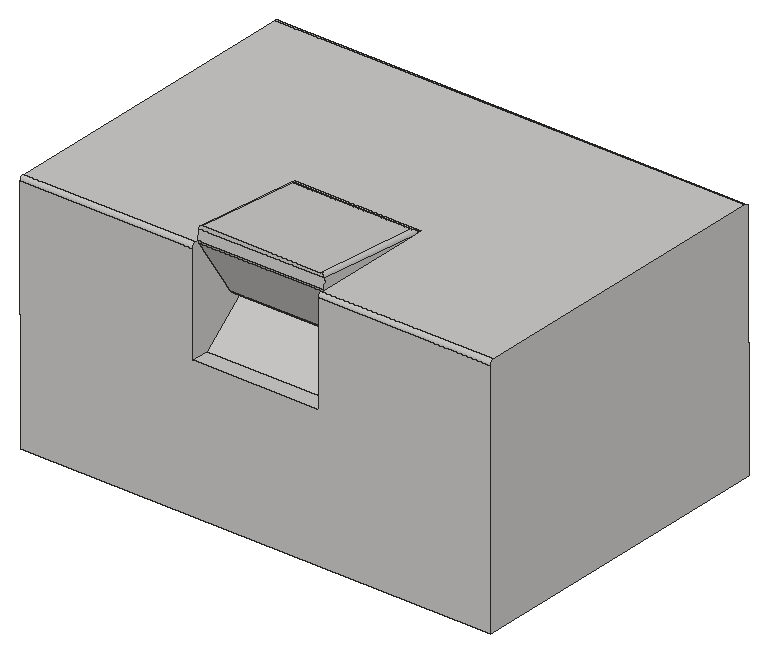
Revit family "PRD_FrankeWS_HndDriers_DryersHandDryer_RODX310", category Specialty Equipment, host Face, Revit 2018
Family settings
  Host = Face
  Round Connector Dimension = Use Diameter
  Part Type = Normal
  OmniClass Number = 23.40.20.21.14
  OmniClass Title = Hand and Hair Dryers
  Cut with Voids When Loaded = No
  Shared = No
  Room Calculation Point = No
Parameters (values of type "RODX310")
  WarrantyStartDate [instance] = "1900-12-31T23:59:59"
  WarrantyGuarantorParts = "n/a"
  WarrantyGuarantorLabor = "n/a"
  WarrantyDurationUnit = "year"
  WarrantyDurationParts = "n/a"
  WarrantyDurationLabor = "n/a"
  WarrantyDescription = "n/a"
  Voltage = 230 V
  Version = "1"
  UsageCurrent = 0 A
  Uniclass2015Version = "Products v1.5"
  Uniclass2015Title = "Hand driers"
  Uniclass2015Code = "Pr_40_70_62_37"
  URL = "www.kwc.com"
  TagNumber [instance] = "n/a"
  SustainabilityPerformance = "n/a"
  Standard = "n/a"
  Size = "314 x 215 x 163 mm"
  Shape = "n/a"
  SerialNumber [instance] = "n/a"
  Revision = "n/a"
  ReplacementCost = "n/a"
  ProductInformation = "https://pim.kwc.com/product/2000090055/attachment/datasheet?locale=en"
  PowerFactor = 1
  PhaseReference = "0"
  PhaseAngle = 0.00°
  Operation = "Automatic. No touch"
  NumberOfPoles = 1
  NominalWidth = 163 mm
  NominalVoltage = "230"
  NominalLength = 314 mm
  NominalHeight = 215 mm
  NominalFrequencyRange = "50"
  NominalCurrent = 0 A
  NoiseLevelAt1MMaximum = "68 dB"
  NetWeight = 7.20 kg
  Name = "DRYERS hand dryer RODX310"
  NBSTypeID = "n/a"
  NBSReference = "45-35-72/334"
  NBSOfficeMasterTag = "n/a"
  NBSNote = "n/a"
  NBSDescription = "Hand driers"
  NBSCertification = "n/a"
  ModelReference = "RODX310"
  ModelNumber = "2000090055"
  Model = ModelReference  # "RODX310"
  Material = "Stainless steel"
  ManufacturerURL = "www.kwc.com"
  ManufacturerName = "KWC Group AG"  # constant formula
  Manufacturer = ManufacturerName  # "KWC Group AG"
  LoadClassification = Other
  InsulationStandardClass = "NotKnown"
  InstallationDate [instance] = "1900-12-31T23:59:59"
  IfcExportType = "HANDDRYER"
  IfcExportAs = "IfcElectricApplianceType"
  IP_Code = "IPX1"
  HasProtectiveEarth = yes
  HandDryerMaterial = PRD_AR_StainlessSteel_SatinFinished
  GrossWeight = 7.58 kg
  Grade = "n/a"
  Form = "Touch free electronic warm air hand dryer for wall mounting"
  Finish = "Satin finished"
  Features = "Sensor range adjustable from 10 to 30 cm"
  ExpectedLife = "n/a"
  ElectricalSupplyRatedOperationalVoltageUe = "230 V a.c."
  ElectricalSupplyPowerRating = "2200 W"
  ElectricalDeviceNominalPower = 2200 VA
  DurationUnit = "year"
  Description = "Touch free electronic warm air hand dryer for wall mounting, stainless steel, surface satin finished, material thickness 1.2 mm, infrared sensor activity for non-touch operation, sensor range adjustable from 10 to 30 cm, cable and plug not included."
  Default Elevation = 1000 mm
  Constituents = "n/a"
  Color = "Stainless steel"
  CodePerformance = "n/a"
  Category = "Pr_40_70_62_37, Hand driers"
  BodyIngressProtectionMinimum = "IPX1"
  BodyFinishAndColour = "Stainless steel, satin finished"
  BodyEnclosure = "Stainless steel"
  BarCode [instance] = "n/a"
  BIMObjectName = "PRD_AR_HandDriers_DryersHandDryer_RODX310"
  Author = "Archispace"  # constant formula
  AssetType = "Fixed"
  AssetIdentifier [instance] = "n/a"
  ApparentPower = 2200 VA
  AccessibilityPerformance = "n/a"
Reference planes
  plane 1 "Center (Front/Back)": y = 0
  plane 2: z = 0
  plane 3 "Center (Left/Right)": x = 0
Forms (mm)
  Extrusion 1, solid, material "PRD_AR_StainlessSteel_SatinFinished" <- "HandDryerMaterial", detail levels fine
    sketch origin (0, 0, 0) x (0, 1, 0) y (0, 0, 1)
      loop
        arc (215, 160.3) -> (214.209, 162.209) -> (212.3, 163) r 2.7
        line (212.3, 163) -> (2.7, 163)
        arc (2.7, 163) -> (0.791, 162.209) -> (0, 160.3) r 2.7
        line (0, 160.3) -> (0, 0) -> (215, 0) -> (215, 160.3)
    from -157 to 157
  Extrusion 2, void
    sketch origin (0, 0, 0) x (0, 1, 0) y (0, 0, 1)
      loop
        arc (83, 160.3) -> (83.791, 162.209) -> (85.7, 163) r 2.7
        line (85.7, 163) -> (0, 163) -> (0, 93.5) -> (12, 93.5) -> (83, 151) -> (83, 160.3)
    from -42 to 42
  Extrusion 3, solid, material "PRD_AR_StainlessSteel_SatinFinished" <- "HandDryerMaterial", detail levels fine
    sketch origin (0, 0, 0) x (0, 1, 0) y (0, 0, 1)
      loop
        arc (4.391, 163.073) -> (4.44, 162.404) -> (4.708, 161.788) r 2
        line (4.708, 161.788) -> (31.037, 121.51)
        arc (31.037, 121.51) -> (32.636, 119.967) -> (34.744, 119.268) r 5
        line (34.744, 119.268) -> (36.123, 119.136)
        arc (36.123, 119.136) -> (38.177, 119.368) -> (39.962, 120.411) r 5
        line (39.962, 120.411) -> (82.349, 158.897) -> (82.684, 162.381)
        arc (82.684, 162.381) -> (82.124, 164.211) -> (80.434, 165.109) r 2.5
        line (80.434, 165.109) -> (5.281, 172.329) -> (5.041, 169.841) -> (4.391, 163.073)
    from -42 to 42
  Sweep 4, void
    path in 3D
      loop
        line (-42, -1.87, 173.016) -> (-42, 82.74, 164.887)
    profile origin (-42, 40.435, 168.952) x (0, -0.095633, -0.995417) y (-1, 0, 0)
      loop
        line (0, 0) -> (0, -2.5)
        arc (0, -2.5) -> (0.732, -0.732) -> (2.5, 0) r 2.5
        line (2.5, 0) -> (0, 0)
  Sweep 5, void
    path in 3D
      loop
        line (42, 83.529, 164.812) -> (42, -2.419, 173.069)
    profile origin (42, 40.555, 168.94) x (0, -0.095633, -0.995417) y (1, 0, 0)
      loop
        line (2.5, 0) -> (0, 0) -> (0, -2.5)
        arc (0, -2.5) -> (0.732, -0.732) -> (2.5, 0) r 2.5
  Extrusion 6, solid, material "PRD_AR_StainlessSteel_SatinFinished" <- "HandDryerMaterial", detail levels coarse+medium
    sketch origin (0, 0, 0) x (0, 1, 0) y (0, 0, 1)
      loop
        line (215, 0) -> (215, 163) -> (0, 163) -> (0, 0) -> (215, 0)
    from -157 to 157
  Extrusion 7, solid, material "PRD_AR_StainlessSteel_SatinFinished" <- "HandDryerMaterial", detail levels medium
    sketch origin (0, 0, 0) x (0, 1, 0) y (0, 0, 1)
      loop
        line (82.743, 163) -> (5.281, 172.329) -> (4.384, 163) -> (82.743, 163)
    from -42 to 42
Cuts and joins
  Extrusion 2 cuts Extrusion 1
  Sweep 4, Sweep 5 cuts Extrusion 3
Lines and regions (mm)
  sketch lines
    curve 1: line (-42, -1.87, 173.016) -> (-42, 82.74, 164.887)
    curve 2: line (42, 83.529, 164.812) -> (42, -2.419, 173.069)
Dimensions and locks
  aligned and locked: plane 2 to host face
  aligned and locked: level to host face
Connectors
  electrical at (0, 107.5, 0), driven by "ApparentPower", driven by "LoadClassification", driven by "PowerFactor", driven by "Voltage"
    settings: on cut or joined group of Extrusion 1, Extrusion 2, index 1, voltage 230 V, apparent load 2200 VA, apparent load phase1 0 VA, apparent load phase2 0 VA, apparent load phase3 0 VA, power factor 1, load classification "Other", number of poles 1, system type 30, power factor state 1, is connector primary yes, connector utility no, sub classification motor no, connector description ""
